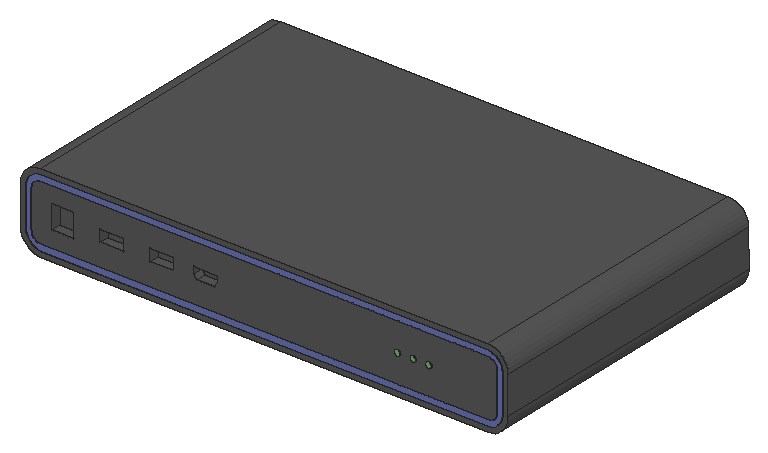
Revit family "Electronics_Huddle-Room-Solutions_Biamp_Devio_Conferencing-Hub_SCR-20__", category Communication Devices, host Face, Revit 2020
Family settings
  Host = Face
  Maintain Annotation Orientation = No
  Round Connector Dimension = Use Diameter
  Part Type = Normal
  OmniClass Number = 23.85.10.17.11.11
  OmniClass Title = Broadcasting Receiving Equipment
  Cut with Voids When Loaded = No
  Shared = No
  Room Calculation Point = No
Parameters (values of type "SCR-20")
  Width = 0' - 11 3/16"  # constant formula
  Weight = 2.00 lbf  # constant formula
  Voltage = 24 V
  USB Sample Rate = "48 kHz"  # constant formula
  USB Device Charging = "Up to 5 W - Requires USB connection to computer"  # constant formula
  USB Bit Depth = "24-bit"  # constant formula
  URL = "https://www.biamp.com/"
  Temperature Range = "32 - 104° F (0 – 40° C)"  # constant formula
  THD+N = "1 kHz, 20 kHz bandwidth, 1 W: < 0.03%"  # constant formula
  SNMP = "See support website for the full list of attributes"  # constant formula
  Number of Channels = "1"  # constant formula
  Minimum Operational Load = "4 ohm"  # constant formula
  Intermodulation distortion = "SMPTE, 60 Hz/7 kHz, 4:1, 1W: < 0.07%"  # constant formula
  Dynamic Range = "THD+N < 0.5%: 100 dB, A-Weighted"  # constant formula
  Continuous Power Output = "THD+N < 0.025%: 20 W into Rated Load Impedance"  # constant formula
  Compliance = "FCC Part 15B (USA) UL and C-UL listed (USA and Canada) CE Marked (Europe) RoHS Directive (Europe)"  # constant formula
  Audio Sampling Rate = "48 kHz"  # constant formula
  Audio Output Impedance = "100 ohm (unbalanced)"  # constant formula
  Audio Maximum Output = "+8.5 dBu"  # constant formula
  Audio Dynamic Range = "THD+N < 0.005%: 107 dB, A-Weighted"  # constant formula
  Audio THD+N = "20 Hz - 10 kHz, 20 kHz B/W, FS: < 0.005%"  # constant formula
  Supported Resolutions = "640 x 480p (60 Hz); 720 x 480p (60 Hz); 720 x 576p (50 Hz); 1280 x 720p (50/60 Hz); 1920 x 1080p (50/60 Hz); 3840 x 2160p (30 Hz) - Supported on Output Port 1 only"  # constant formula
  Product data url = "https://www.bimobject.com/biamp/product/devio-scr-20_huddle-room-solution"
  Product Page URL = "https://www.biamp.com/products/product-families/devio/huddle-room-solutions#devio-scr-20"
  Product Documentation Link = "https://downloads.biamp.com/assets/docs/default-source/data-sheets/biamp_data_sheet_devio_scr-20_may21.pdf"
  Power Factor = 1
  Physical Interfaces = "HDMI"  # constant formula
  Number of Poles = 1
  Network Connection = "RJ-45 with Ethernet cable (Cat 5e and above)"  # constant formula
  Model = "Devio SCR-20"  # constant formula
  Max Power Consumption = 60 W
  Manufacturer = "Biamp"  # constant formula
  Indicators = "Mic Status Indicator (Green/Red LED) Room Tuning Indicator (Green/Red LED) Power Indicator (Green/Red LED)"  # constant formula
  Humidity = "0-95% relative humidity (non-condensing)"  # constant formula
  Housing Material = Biamp - Plastic - Black
  Height = 0' - 1 13/16"  # constant formula
  HDMI Audio Formats = "2ch L-PCM, 44.1 kHz/48 kHz, 16-bit"  # constant formula
  HDCP Support = "1.4"  # constant formula
  Frequency Response = "20 Hz - 20 kHz, FS: +0/-0.25 dB"  # constant formula
  Description = "Devio® SCR-20 Conferencing Hub"  # constant formula
  Depth = 0' - 6 57/64"  # constant formula
  Default Elevation = 4' - 0"
  Connector Description = "24V DC 60W"  # constant formula
  Audio Frequency Response = "20 Hz - 20 kHz, FS: +0/-0.25 dB"  # constant formula
  Audio D/A Converters = "24-bit"  # constant formula
  Apparent Load = Max Power Consumption / Power Factor  # 60 VA
  Altitude = "0-6,600 ft (0-2000m) MSL"  # constant formula
Reference planes (in)
  plane 1 "Center (Front/Back)": y = 0
  plane 2: z = 0
  plane 3 "Center (Left/Right)": x = 0
  plane 4: x = -5.59375
  plane 5: x = 5.59375
  plane 6: y = 3.44531
  plane 7: y = -3.44531
  plane 8: z = 1.8125
Forms (in)
  Extrusion 1, solid, material "Biamp - Plastic - Black" <- "Housing Material", detail levels fine
    sketch origin (0, 0, 0) x (1, 0, 0) y (0, 0, 1)
      loop
        line (-5.09375, 0) -> (5.125, 0)
        arc (5.125, 0) -> (5.45646, 0.13729) -> (5.59375, 0.46875) r 0.46875
        line (5.59375, 0.46875) -> (5.59375, 1.34375)
        arc (5.59375, 1.34375) -> (5.45646, 1.67521) -> (5.125, 1.8125) r 0.46875
        line (5.125, 1.8125) -> (-5.125, 1.8125)
        arc (-5.125, 1.8125) -> (-5.45646, 1.67521) -> (-5.59375, 1.34375) r 0.46875
        line (-5.59375, 1.34375) -> (-5.59375, 0.5)
        arc (-5.59375, 0.5) -> (-5.4473, 0.14645) -> (-5.09375, 0) r 0.5
    from -3.44531 to 3.44531
  Extrusion 2, void, detail levels fine
    sketch origin (0, -3.44531, 0) x (-1, 0, 0) y (0, 0, 1)
      loop
        line (5.125, 1.6875) -> (-5.125, 1.6875)
        arc (-5.125, 1.6875) -> (-5.36807, 1.58682) -> (-5.46875, 1.34375) r 0.34375
        line (-5.46875, 1.34375) -> (-5.46875, 0.46875)
        arc (-5.46875, 0.46875) -> (-5.36807, 0.22568) -> (-5.125, 0.125) r 0.34375
        line (-5.125, 0.125) -> (5.09375, 0.125)
        arc (5.09375, 0.125) -> (5.35892, 0.23483) -> (5.46875, 0.5) r 0.375
        line (5.46875, 0.5) -> (5.46875, 1.34375)
        arc (5.46875, 1.34375) -> (5.36807, 1.58682) -> (5.125, 1.6875) r 0.34375
    from 0 to 0.23779
  Extrusion 3, void, detail levels fine
    sketch origin (0, 3.44531, 0) x (-1, 0, 0) y (0, 0, -1)
      loop
        arc (5.125, -1.6875) -> (5.36807, -1.58682) -> (5.46875, -1.34375) r 0.34375
        line (5.46875, -1.34375) -> (5.46875, -0.5)
        arc (5.46875, -0.5) -> (5.35892, -0.23483) -> (5.09375, -0.125) r 0.375
        line (5.09375, -0.125) -> (-0.46875, -0.125)
        arc (-0.46875, -0.125) -> (-0.6875, -0.34375) -> (-0.90625, -0.125) r 0.21875
        line (-0.90625, -0.125) -> (-4.53125, -0.125)
        arc (-4.53125, -0.125) -> (-4.75, -0.34375) -> (-4.96875, -0.125) r 0.21875
        line (-4.96875, -0.125) -> (-5.125, -0.125)
        arc (-5.125, -0.125) -> (-5.36807, -0.22568) -> (-5.46875, -0.46875) r 0.34375
        line (-5.46875, -0.46875) -> (-5.46875, -1.34375)
        arc (-5.46875, -1.34375) -> (-5.36807, -1.58682) -> (-5.125, -1.6875) r 0.34375
        line (-5.125, -1.6875) -> (5.125, -1.6875)
    from 0 to 0.23779
  Extrusion 4, solid, material "Biamp - Plastic - Blue", detail levels medium+fine
    sketch origin (0, -3.44531, 0) x (1, 0, 0) y (0, 0, 1)
      loop
        line (-5.46875, 1.34375) -> (-5.46875, 0.5)
        arc (-5.46875, 0.5) -> (-5.35892, 0.23483) -> (-5.09375, 0.125) r 0.375
        line (-5.09375, 0.125) -> (5.125, 0.125)
        arc (5.125, 0.125) -> (5.36807, 0.22568) -> (5.46875, 0.46875) r 0.34375
        line (5.46875, 0.46875) -> (5.46875, 1.34375)
        arc (5.46875, 1.34375) -> (5.36807, 1.58682) -> (5.125, 1.6875) r 0.34375
        line (5.125, 1.6875) -> (-5.125, 1.6875)
        arc (-5.125, 1.6875) -> (-5.36807, 1.58682) -> (-5.46875, 1.34375) r 0.34375
      loop
        line (5.125, 1.5625) -> (-5.125, 1.5625)
        arc (-5.125, 1.5625) -> (-5.27968, 1.49843) -> (-5.34375, 1.34375) r 0.21875
        line (-5.34375, 1.34375) -> (-5.34375, 0.5)
        arc (-5.34375, 0.5) -> (-5.27053, 0.32322) -> (-5.09375, 0.25) r 0.25
        line (-5.09375, 0.25) -> (5.125, 0.25)
        arc (5.125, 0.25) -> (5.27968, 0.31407) -> (5.34375, 0.46875) r 0.21875
        line (5.34375, 0.46875) -> (5.34375, 1.34375)
        arc (5.34375, 1.34375) -> (5.27968, 1.49843) -> (5.125, 1.5625) r 0.21875
    from -0.23779 to 0
  Extrusion 5, solid, material "Biamp - Plastic - Blue", detail levels fine
    sketch origin (0, 3.44531, 0) x (1, 0, 0) y (0, 0, -1)
      loop
        arc (-5.46875, -1.34375) -> (-5.36807, -1.58682) -> (-5.125, -1.6875) r 0.34375
        line (-5.125, -1.6875) -> (5.125, -1.6875)
        arc (5.125, -1.6875) -> (5.36807, -1.58682) -> (5.46875, -1.34375) r 0.34375
        line (5.46875, -1.34375) -> (5.46875, -0.46875)
        arc (5.46875, -0.46875) -> (5.36807, -0.22568) -> (5.125, -0.125) r 0.34375
        line (5.125, -0.125) -> (4.96875, -0.125)
        arc (4.96875, -0.125) -> (4.75, -0.34375) -> (4.53125, -0.125) r 0.21875
        line (4.53125, -0.125) -> (0.90625, -0.125)
        arc (0.90625, -0.125) -> (0.6875, -0.34375) -> (0.46875, -0.125) r 0.21875
        line (0.46875, -0.125) -> (-5.09375, -0.125)
        arc (-5.09375, -0.125) -> (-5.35892, -0.23483) -> (-5.46875, -0.5) r 0.375
        line (-5.46875, -0.5) -> (-5.46875, -1.34375)
      loop
        arc (5.125, -1.5625) -> (5.27968, -1.49843) -> (5.34375, -1.34375) r 0.21875
        line (5.34375, -1.34375) -> (5.34375, -0.46875)
        arc (5.34375, -0.46875) -> (5.27968, -0.31407) -> (5.125, -0.25) r 0.21875
        line (5.125, -0.25) -> (4.98926, -0.25)
        arc (4.98926, -0.25) -> (4.95176, -0.25861) -> (4.92178, -0.28273) r 0.08593
        arc (4.92178, -0.28273) -> (4.75, -0.36604) -> (4.57822, -0.28273) r 0.21875
        arc (4.57822, -0.28273) -> (4.54824, -0.25861) -> (4.51074, -0.25) r 0.08594
        line (4.51074, -0.25) -> (0.92676, -0.25)
        arc (0.92676, -0.25) -> (0.88926, -0.25861) -> (0.85928, -0.28273) r 0.08594
        arc (0.85928, -0.28273) -> (0.6875, -0.36604) -> (0.51572, -0.28273) r 0.21875
        arc (0.51572, -0.28273) -> (0.48574, -0.25861) -> (0.44824, -0.25) r 0.08594
        line (0.44824, -0.25) -> (-5.09375, -0.25)
        arc (-5.09375, -0.25) -> (-5.27053, -0.32322) -> (-5.34375, -0.5) r 0.25
        line (-5.34375, -0.5) -> (-5.34375, -1.34375)
        arc (-5.34375, -1.34375) -> (-5.27968, -1.49843) -> (-5.125, -1.5625) r 0.21875
        line (-5.125, -1.5625) -> (5.125, -1.5625)
    from -0.23779 to 0
  Extrusion 6, solid, material "Biamp - Plastic - Black", detail levels fine
    sketch origin (0, -3.44531, 0) x (1, 0, 0) y (0, 0, 1)
      loop
        line (-5.34375, 1.34375) -> (-5.34375, 0.5)
        arc (-5.34375, 0.5) -> (-5.27053, 0.32322) -> (-5.09375, 0.25) r 0.25
        line (-5.09375, 0.25) -> (5.125, 0.25)
        arc (5.125, 0.25) -> (5.27968, 0.31407) -> (5.34375, 0.46875) r 0.21875
        line (5.34375, 0.46875) -> (5.34375, 1.34375)
        arc (5.34375, 1.34375) -> (5.27968, 1.49843) -> (5.125, 1.5625) r 0.21875
        line (5.125, 1.5625) -> (-5.125, 1.5625)
        arc (-5.125, 1.5625) -> (-5.27968, 1.49843) -> (-5.34375, 1.34375) r 0.21875
    from -0.23779 to 0
  Extrusion 7, solid, material "Biamp - Plastic - Black", detail levels fine
    sketch origin (0, 3.44531, 0) x (1, 0, 0) y (0, 0, -1)
      loop
        arc (-5.34375, -1.34375) -> (-5.27968, -1.49843) -> (-5.125, -1.5625) r 0.21875
        line (-5.125, -1.5625) -> (5.125, -1.5625)
        arc (5.125, -1.5625) -> (5.27968, -1.49843) -> (5.34375, -1.34375) r 0.21875
        line (5.34375, -1.34375) -> (5.34375, -0.46875)
        arc (5.34375, -0.46875) -> (5.27968, -0.31407) -> (5.125, -0.25) r 0.21875
        line (5.125, -0.25) -> (4.98926, -0.25)
        arc (4.98926, -0.25) -> (4.95176, -0.25861) -> (4.92178, -0.28273) r 0.08593
        arc (4.92178, -0.28273) -> (4.75, -0.36604) -> (4.57822, -0.28273) r 0.21875
        arc (4.57822, -0.28273) -> (4.54824, -0.25861) -> (4.51074, -0.25) r 0.08594
        line (4.51074, -0.25) -> (0.92676, -0.25)
        arc (0.92676, -0.25) -> (0.88926, -0.25861) -> (0.85928, -0.28273) r 0.08594
        arc (0.85928, -0.28273) -> (0.6875, -0.36604) -> (0.51572, -0.28273) r 0.21875
        arc (0.51572, -0.28273) -> (0.48574, -0.25861) -> (0.44824, -0.25) r 0.08594
        line (0.44824, -0.25) -> (-5.09375, -0.25)
        arc (-5.09375, -0.25) -> (-5.27053, -0.32322) -> (-5.34375, -0.5) r 0.25
        line (-5.34375, -0.5) -> (-5.34375, -1.34375)
    from -0.23779 to 0
  Extrusion 8, void, detail levels fine
    sketch origin (0, -3.44531, 0) x (-1, 0, 0) y (0, 0, 1)
      loop
        line (4.875, 0.64844) -> (4.875, 1.19531) -> (4.35938, 1.19531) -> (4.35938, 0.64844) -> (4.875, 0.64844)
    from 0 to 0.22294
  Extrusion 9, void, detail levels fine
    sketch origin (1.0589, -3.44531, 0) x (-1, 0, 0) y (0, 0, 1)
      loop
        line (4.82452, 0.78125) -> (4.82452, 1.0625) -> (4.27765, 1.0625) -> (4.27765, 0.78125) -> (4.82452, 0.78125)
    from 0 to 0.22294
  Extrusion 10, void, detail levels fine
    sketch origin (2.19952, -3.44531, 0) x (-1, 0, 0) y (0, 0, 1)
      loop
        line (4.82452, 0.78125) -> (4.82452, 1.0625) -> (4.27765, 1.0625) -> (4.27765, 0.78125) -> (4.82452, 0.78125)
    from 0 to 0.22294
  Extrusion 11, void, detail levels fine
    sketch origin (3.21515, -3.44531, 0) x (-1, 0, 0) y (0, 0, 1)
      loop
        line (4.75421, 0.79688) -> (4.82452, 0.89063) -> (4.82452, 1.04688) -> (4.27765, 1.04688) -> (4.27765, 0.89628) -> (4.34796, 0.79688) -> (4.75421, 0.79688)
    from 0 to 0.22294
  Extrusion 12, solid, material "Biamp - Plastic - Green", detail levels fine
    sketch origin (0, -3.44531, 0) x (1, 0, 0) y (0, 0, 1)
      loop
        circle (3.78125, 0.90625) r 0.0625
      loop
        circle (3.42187, 0.90625) r 0.0625
      loop
        circle (3.0625, 0.90625) r 0.0625
    from -0.23779 to 0.0034
  Extrusion 13, void, detail levels fine
    sketch origin (0, 0, 0) x (1, 0, 0) y (0, 0, 1)
      loop
        circle (4.59375, 0.89063) r 0.28125
    from -3.44531 to -3.2373
  Extrusion 14, void, detail levels fine
    sketch origin (0, 0, 0) x (1, 0, 0) y (0, 0, 1)
      loop
        circle (4.09064, 0.75311) r 0.06561
    from -3.44531 to -3.2373
  Extrusion 15, void, detail levels fine
    sketch origin (-0.96894, 0, 0) x (1, 0, 0) y (0, 0, 1)
      loop
        line (4.86776, 1.15625) -> (4.19589, 1.15625) -> (4.19589, 0.60938) -> (4.86776, 0.60938) -> (4.86776, 1.15625)
    from -3.44531 to -3.2373
  Extrusion 16, void, detail levels fine
    sketch origin (-2.00932, 0, 0) x (1, 0, 0) y (0, 0, 1)
      loop
        line (4.79877, 1.04688) -> (4.36127, 1.04688) -> (4.36127, 0.60938) -> (4.79877, 0.60938) -> (4.79877, 1.04688)
    from -3.44531 to -3.2373
  Extrusion 17, void, detail levels fine
    sketch origin (-5.06484, 0, 0) x (1, 0, 0) y (0, 0, 1)
      loop
        line (4.99492, 1.15625) -> (4.32304, 1.15625) -> (4.32304, 0.60938) -> (4.99492, 0.60938) -> (4.99492, 1.15625)
    from -3.44531 to -3.2373
  Extrusion 18, void, detail levels fine
    sketch origin (-3, 0, 0) x (1, 0, 0) y (0, 0, 1)
      loop
        circle (4.16445, 0.89063) r 0.25
    from -3.44531 to -3.2373
  Extrusion 19, void, detail levels fine
    sketch origin (-3.58557, 0, 0) x (1, 0, 0) y (0, 0, 1)
      loop
        circle (4.20314, 0.89063) r 0.25
    from -3.44531 to -3.2373
  Extrusion 20, void, detail levels fine
    sketch origin (-5.10166, 0, 0) x (1, 0, 0) y (0, 0, 1)
      loop
        circle (4.05987, 0.75311) r 0.06561
    from -3.44531 to -3.2373
  Extrusion 21, void, detail levels fine
    sketch origin (-6.00444, 0, 0) x (1, 0, 0) y (0, 0, 1)
      loop
        line (4.25641, 0.60938) -> (4.35016, 0.70313) -> (4.35016, 0.85938) -> (3.72516, 0.85938) -> (3.72516, 0.70313) -> (3.81891, 0.60938) -> (4.25641, 0.60938)
    from -3.44531 to -3.2373
  Extrusion 22, void, detail levels fine
    sketch origin (-7.30131, 0, 0) x (1, 0, 0) y (0, 0, 1)
      loop
        line (4.25641, 0.60938) -> (4.35016, 0.70313) -> (4.35016, 0.85938) -> (3.72516, 0.85938) -> (3.72516, 0.70313) -> (3.81891, 0.60938) -> (4.25641, 0.60938)
    from -3.44531 to -3.2373
  Extrusion 23, void, detail levels fine
    sketch origin (-8.39506, 0, 0) x (1, 0, 0) y (0, 0, 1)
      loop
        line (4.35016, 0.625) -> (4.35016, 0.90625) -> (3.80328, 0.90625) -> (3.80328, 0.625) -> (4.35016, 0.625)
    from -3.44531 to -3.2373
  Extrusion 24, solid, material "Biamp - Plastic - Black" <- "Housing Material", detail levels medium
    sketch origin (0, -3.44531, 0) x (1, 0, 0) y (0, 0, 1)
      loop
        arc (-5.125, 1.8125) -> (-5.45646, 1.67521) -> (-5.59375, 1.34375) r 0.46875
        line (-5.59375, 1.34375) -> (-5.59375, 0.5)
        arc (-5.59375, 0.5) -> (-5.4473, 0.14645) -> (-5.09375, 0) r 0.5
        line (-5.09375, 0) -> (5.125, 0)
        arc (5.125, 0) -> (5.45646, 0.13729) -> (5.59375, 0.46875) r 0.46875
        line (5.59375, 0.46875) -> (5.59375, 1.34375)
        arc (5.59375, 1.34375) -> (5.45646, 1.67521) -> (5.125, 1.8125) r 0.46875
        line (5.125, 1.8125) -> (-5.125, 1.8125)
      loop
        arc (-5.34375, 0.5) -> (-5.27053, 0.32322) -> (-5.09375, 0.25) r 0.25
        line (-5.09375, 0.25) -> (5.125, 0.25)
        arc (5.125, 0.25) -> (5.27968, 0.31407) -> (5.34375, 0.46875) r 0.21875
        line (5.34375, 0.46875) -> (5.34375, 1.34375)
        arc (5.34375, 1.34375) -> (5.27968, 1.49843) -> (5.125, 1.5625) r 0.21875
        line (5.125, 1.5625) -> (-5.125, 1.5625)
        arc (-5.125, 1.5625) -> (-5.27968, 1.49843) -> (-5.34375, 1.34375) r 0.21875
        line (-5.34375, 1.34375) -> (-5.34375, 0.5)
      loop
        line (-5.46875, 1.34375) -> (-5.46875, 0.5)
        arc (-5.46875, 0.5) -> (-5.35892, 0.23483) -> (-5.09375, 0.125) r 0.375
        line (-5.09375, 0.125) -> (5.125, 0.125)
        arc (5.125, 0.125) -> (5.36807, 0.22568) -> (5.46875, 0.46875) r 0.34375
        line (5.46875, 0.46875) -> (5.46875, 1.34375)
        arc (5.46875, 1.34375) -> (5.36807, 1.58682) -> (5.125, 1.6875) r 0.34375
        line (5.125, 1.6875) -> (-5.125, 1.6875)
        arc (-5.125, 1.6875) -> (-5.36807, 1.58682) -> (-5.46875, 1.34375) r 0.34375
    from -6.89062 to 0
  Extrusion 25, solid, material "Biamp - Plastic - Blue", detail levels medium
    sketch origin (0, 3.44531, 0) x (1, 0, 0) y (0, 0, -1)
      loop
        arc (-5.46875, -1.34375) -> (-5.36807, -1.58682) -> (-5.125, -1.6875) r 0.34375
        line (-5.125, -1.6875) -> (5.125, -1.6875)
        arc (5.125, -1.6875) -> (5.36807, -1.58682) -> (5.46875, -1.34375) r 0.34375
        line (5.46875, -1.34375) -> (5.46875, -0.46875)
        arc (5.46875, -0.46875) -> (5.36807, -0.22568) -> (5.125, -0.125) r 0.34375
        line (5.125, -0.125) -> (-5.09375, -0.125)
        arc (-5.09375, -0.125) -> (-5.35892, -0.23483) -> (-5.46875, -0.5) r 0.375
        line (-5.46875, -0.5) -> (-5.46875, -1.34375)
      loop
        arc (5.125, -1.5625) -> (5.27968, -1.49843) -> (5.34375, -1.34375) r 0.21875
        line (5.34375, -1.34375) -> (5.34375, -0.46875)
        arc (5.34375, -0.46875) -> (5.27968, -0.31407) -> (5.125, -0.25) r 0.21875
        line (5.125, -0.25) -> (-5.09375, -0.25)
        arc (-5.09375, -0.25) -> (-5.27053, -0.32322) -> (-5.34375, -0.5) r 0.25
        line (-5.34375, -0.5) -> (-5.34375, -1.34375)
        arc (-5.34375, -1.34375) -> (-5.27968, -1.49843) -> (-5.125, -1.5625) r 0.21875
        line (-5.125, -1.5625) -> (5.125, -1.5625)
    from -0.23779 to 0
  Extrusion 26, solid, material "Biamp - Plastic - Black" <- "Housing Material", detail levels coarse
    sketch origin (0, 0, 0) x (1, 0, 0) y (0, 0, 1)
      loop
        line (5.59375, 1.8125) -> (-5.59375, 1.8125) -> (-5.59375, 0) -> (5.59375, 0) -> (5.59375, 1.8125)
    from -3.44531 to 3.44531
  Extrusion 27, void
    sketch origin (-3.19029, 0, 0.73732) x (1, 0, 0) y (0, 0, 1)
      loop
        circle (4.09064, 0.75311) r 0.06561
    from -3.44531 to -3.2373
  Extrusion 28, void
    sketch origin (-6.05281, 0, 0.33502) x (1, 0, 0) y (0, 0, 1)
      loop
        circle (4.08603, 0.8703) r 0.06561
    from -3.44531 to -3.2373
  Extrusion 29, void
    sketch origin (-7.36531, 0, 0.33502) x (1, 0, 0) y (0, 0, 1)
      loop
        circle (4.10165, 0.8703) r 0.06561
    from -3.44531 to -3.2373
Cuts and joins
  Extrusion 2, Extrusion 3, Extrusion 8, Extrusion 9, Extrusion 10, Extrusion 11, Extrusion 13, Extrusion 14 cuts Extrusion 1
  Extrusion 8, Extrusion 9, Extrusion 10, Extrusion 11, Extrusion 13, Extrusion 14 cuts Extrusion 6
  Extrusion 8, Extrusion 13, Extrusion 14, Extrusion 15, Extrusion 16, Extrusion 17, Extrusion 18, Extrusion 19, Extrusion 20, Extrusion 21, Extrusion 22, Extrusion 23, Extrusion 27, Extrusion 28, Extrusion 29 cuts Extrusion 7
  Extrusion 29 cuts Extrusion 25
Lines and regions (in)
  Masking region 1
    outline origin (0, 0, 0) x (1, 0, 0) y (0, 1, 0)
      loop
        line (-5.59375, 3.44531) -> (-5.59375, -3.44531) -> (5.59375, -3.44531) -> (5.59375, 3.44531) -> (-5.59375, 3.44531)
Dimensions and locks (in)
  "Width": plane 4 to plane 5
  equal spacing: plane 4, plane 3 "Center (Left/Right)", plane 5
  equal spacing: plane 6, plane 1 "Center (Front/Back)", plane 7
  "Depth": plane 6 to plane 7
  "Height": plane 8 to level
  aligned and locked: plane 2 to host face
  aligned and locked: level to host face
  aligned and locked: Extrusion 1 sketch curve to level
  aligned and locked: Extrusion 1 sketch curve to plane 4
  aligned and locked: plane 8 to Extrusion 1 sketch curve
  aligned and locked: plane 5 to Extrusion 1 sketch curve
  aligned and locked: plane 6 to Extrusion 1
  aligned and locked: Extrusion 1 to plane 7
  aligned and locked: plane 6 to Extrusion 14
  aligned and locked: plane 6 to Extrusion 24
  aligned and locked: Extrusion 24 to plane 7
  aligned and locked: plane 8 to Extrusion 26 sketch curve
  aligned and locked: plane 5 to Extrusion 26 sketch curve
  aligned and locked: Extrusion 26 sketch curve to level
  aligned and locked: Extrusion 26 sketch curve to plane 4
  aligned and locked: plane 6 to Extrusion 26
  aligned and locked: Extrusion 26 to plane 7
  aligned and locked: Masking region 1 sketch curve to Extrusion 26  (x4)
Automatic sketch dimensions
  host sketch curve to host sketch curve = 8' - 0"  (x2)
  plane 4 to Extrusion 1 sketch curve = 0' - 0 15/32"
  plane 4 to Extrusion 1 sketch curve = 0' - 0 1/2"
  Extrusion 1 sketch curve to Extrusion 1 sketch curve = 0' - 0 15/32"
  Extrusion 1 sketch curve to plane 5 = 0' - 0 15/32"
  Extrusion 2 sketch curve to Extrusion 2 sketch curve = 0' - 0 11/32"
  Extrusion 1 to Extrusion 2 sketch curve = 0' - 0 1/2"
  Extrusion 3 sketch curve to plane 5 = 0' - 0 1/8"
  Extrusion 3 sketch curve to Extrusion 3 sketch curve = 0' - 0 11/32"  (x2)
  Extrusion 3 sketch curve to Extrusion 3 sketch curve = 0' - 0 5/32"
  Extrusion 3 sketch curve to Extrusion 3 sketch curve = 0' - 0 7/32"  (x2)
  level to Extrusion 3 sketch curve = 0' - 0 1/8"
  plane 3 "Center (Left/Right)" to Extrusion 3 sketch curve = 0' - 0 29/32"
  plane 4 to Extrusion 3 sketch curve = 0' - 0 1/2"
  plane 4 to Extrusion 3 sketch curve = 0' - 0 15/32"
  plane 4 to Extrusion 3 sketch curve = 0' - 0 1/8"
  Extrusion 3 sketch curve to plane 8 = 0' - 0 15/32"
  Extrusion 4 sketch curve to Extrusion 4 sketch curve = 0' - 0"  (x4)
  Extrusion 5 sketch curve to Extrusion 5 sketch curve = 0' - 0"  (x12)
  plane 4 to Extrusion 5 sketch curve = 0' - 0 1/8"
  Extrusion 5 sketch curve to Extrusion 5 sketch curve = 0' - 0 1/8"
  Extrusion 5 sketch curve to Extrusion 5 sketch curve = 0' - 0 7/32"  (x4)
  level to Extrusion 5 sketch curve = 0' - 0 1/4"  (x2)
  Extrusion 5 sketch curve to Extrusion 5 sketch curve = 0' - 0 1/4"
  plane 3 "Center (Left/Right)" to Extrusion 5 sketch curve = 0' - 0.44824"
  Extrusion 5 sketch curve to Extrusion 5 sketch curve = 0' - 0.02051"  (x4)
  Extrusion 5 sketch curve to plane 5 = 0' - 1.08301"
  Extrusion 5 sketch curve to plane 5 = 0' - 0 15/32"
  Extrusion 5 sketch curve to Extrusion 5 sketch curve = 0' - 0.13574"
  Extrusion 5 sketch curve to plane 8 = 0' - 0 15/32"
  Extrusion 5 sketch curve to Extrusion 5 sketch curve = 0' - 0 11/128"  (x4)
  Extrusion 5 sketch curve to Extrusion 5 sketch curve = 0' - 0.02229"  (x2)
  Extrusion 6 sketch curve to Extrusion 6 sketch curve = 0' - 0 1/4"
  Extrusion 6 sketch curve to Extrusion 6 sketch curve = 0' - 0 7/32"
  plane 4 to Extrusion 7 sketch curve = 0' - 0 1/4"
  Extrusion 7 sketch curve to Extrusion 7 sketch curve = 0' - 0 7/32"  (x2)
  Extrusion 7 sketch curve to Extrusion 7 sketch curve = 0' - 0 1/4"
  plane 3 "Center (Left/Right)" to Extrusion 7 sketch curve = 0' - 0.44824"
  Extrusion 7 sketch curve to Extrusion 7 sketch curve = 0' - 0.23926"  (x4)
  level to Extrusion 7 sketch curve = 0' - 0 43/128"  (x2)
  Extrusion 7 sketch curve to plane 5 = 0' - 1.08301"
  Extrusion 7 sketch curve to Extrusion 7 sketch curve = 0' - 0.13574"
  Extrusion 7 sketch curve to plane 5 = 0' - 0 15/32"
  level to Extrusion 7 sketch curve = 0' - 0 15/32"
  level to Extrusion 7 sketch curve = 0' - 0 1/2"
  Extrusion 7 sketch curve to plane 8 = 0' - 0 15/32"
  Extrusion 7 sketch curve to Extrusion 7 sketch curve = 0' - 0 11/128"  (x3)
  level to Extrusion 7 sketch curve = 0' - 0.14729"  (x2)
  Extrusion 7 sketch curve to Extrusion 7 sketch curve = 0' - 0"  (x2)
  Extrusion 1 to Extrusion 9 sketch curve = 0' - 0 25/32"
  Extrusion 1 to Extrusion 9 sketch curve = 0' - 2 3/8"
  Extrusion 1 to Extrusion 10 sketch curve = 0' - 0 25/32"
  Extrusion 1 to Extrusion 10 sketch curve = 0' - 3 33/64"
  Extrusion 1 to Extrusion 11 sketch curve = 0' - 0.89628"
  Extrusion 1 to Extrusion 11 sketch curve = 0' - 4 17/32"
  Extrusion 12 sketch curve to Extrusion 1 = 0' - 0 29/32"
  Extrusion 12 sketch curve to Extrusion 1 = 0' - 2 17/32"
  Extrusion 12 sketch curve to Extrusion 12 sketch curve = 0' - 0 23/64"  (x2)
  Extrusion 12 sketch curve to Extrusion 12 sketch curve = 0' - 0"  (x2)
  Extrusion 16 sketch curve to plane 8 = 0' - 0 49/64"
  plane 3 "Center (Left/Right)" to Extrusion 16 sketch curve = 0' - 2.35195"
  Extrusion 17 sketch curve to plane 3 "Center (Left/Right)" = 0' - 0.7418"
  level to Extrusion 17 sketch curve = 0' - 0 39/64"
  level to Extrusion 21 sketch curve = 0' - 0 55/64"
  Extrusion 21 sketch curve to plane 3 "Center (Left/Right)" = 0' - 2.27928"
  level to Extrusion 22 sketch curve = 0' - 0 55/64"
  plane 4 to Extrusion 22 sketch curve = 0' - 2.01759"
  level to Extrusion 22 sketch curve = 0' - 0 39/64"
  plane 4 to Extrusion 23 sketch curve = 0' - 1.00197"
  level to Extrusion 23 sketch curve = 0' - 0 5/8"
  Extrusion 24 sketch curve to Extrusion 24 sketch curve = 0' - 0"  (x6)
  Extrusion 25 sketch curve to Extrusion 25 sketch curve = 0' - 0"  (x8)
  plane 4 to Extrusion 25 sketch curve = 0' - 0 1/8"
  Extrusion 25 sketch curve to Extrusion 25 sketch curve = 0' - 0 1/8"
  Extrusion 25 sketch curve to plane 8 = 0' - 0 1/8"
  Extrusion 25 sketch curve to Extrusion 25 sketch curve = 0' - 0 7/32"  (x2)
  level to Extrusion 25 sketch curve = 0' - 0 1/4"
  Extrusion 25 sketch curve to Extrusion 25 sketch curve = 0' - 0 1/4"
  Extrusion 25 sketch curve to plane 5 = 0' - 0 15/32"  (x2)
  Extrusion 27 sketch curve to plane 8 = 0' - 0.32207"
  plane 3 "Center (Left/Right)" to Extrusion 27 sketch curve = 0' - 0.90035"
  Extrusion 28 sketch curve to plane 8 = 0' - 0.60718"
  Extrusion 28 sketch curve to plane 3 "Center (Left/Right)" = 0' - 1.96678"
  Extrusion 29 sketch curve to plane 8 = 0' - 0.60718"
  plane 4 to Extrusion 29 sketch curve = 0' - 2.33009"
  Extrusion 1 to Extrusion 8 sketch curve = 0' - 1 15/64"
  Extrusion 1 to Extrusion 8 sketch curve = 0' - 0 83/128"
  Extrusion 8 sketch curve to Extrusion 8 sketch curve = 0' - 0 33/64"
  Extrusion 8 sketch curve to Extrusion 8 sketch curve = 0' - 0 35/64"
  Extrusion 9 sketch curve to Extrusion 9 sketch curve = 0' - 0 35/64"
  Extrusion 9 sketch curve to Extrusion 9 sketch curve = 0' - 0 9/32"
  Extrusion 10 sketch curve to Extrusion 10 sketch curve = 0' - 0 35/64"
  Extrusion 10 sketch curve to Extrusion 10 sketch curve = 0' - 0 9/32"
  Extrusion 1 to Extrusion 11 sketch curve = 0' - 0 51/64"
  Extrusion 11 sketch curve to Extrusion 11 sketch curve = 0' - 0 9/128"  (x2)
  Extrusion 11 sketch curve to Extrusion 11 sketch curve = 0' - 0 13/32"
  Extrusion 11 sketch curve to Extrusion 11 sketch curve = 0' - 0.15059"
  Extrusion 1 to Extrusion 11 sketch curve = 0' - 0 57/64"
  Extrusion 13 sketch curve to plane 5 = 0' - 1"
  level to Extrusion 13 sketch curve = 0' - 0 57/64"
  Extrusion 14 sketch curve to plane 5 = 0' - 1.50311"
  level to Extrusion 14 sketch curve = 0' - 0.75311"
  Extrusion 15 sketch curve to plane 8 = 0' - 0 21/32"
  Extrusion 15 sketch curve to plane 5 = 0' - 2.3668"
  Extrusion 15 sketch curve to Extrusion 15 sketch curve = 0' - 0 43/64"
  Extrusion 15 sketch curve to Extrusion 15 sketch curve = 0' - 0 35/64"
  Extrusion 16 sketch curve to Extrusion 16 sketch curve = 0' - 0 7/16"  (x2)
  plane 3 "Center (Left/Right)" to Extrusion 18 sketch curve = 0' - 1.16445"
  level to Extrusion 18 sketch curve = 0' - 0 57/64"
  plane 3 "Center (Left/Right)" to Extrusion 19 sketch curve = 0' - 0.61757"
  level to Extrusion 19 sketch curve = 0' - 0 57/64"
  Extrusion 17 sketch curve to plane 3 "Center (Left/Right)" = 0' - 0.06993"
  Extrusion 17 sketch curve to Extrusion 17 sketch curve = 0' - 0 35/64"
  Extrusion 20 sketch curve to plane 3 "Center (Left/Right)" = 0' - 1.04179"
  level to Extrusion 20 sketch curve = 0' - 0.75311"
  Extrusion 21 sketch curve to Extrusion 21 sketch curve = 0' - 0 3/32"  (x4)
  level to Extrusion 21 sketch curve = 0' - 0 39/64"
  Extrusion 21 sketch curve to Extrusion 21 sketch curve = 0' - 0 7/16"
  Extrusion 22 sketch curve to Extrusion 22 sketch curve = 0' - 0 3/32"  (x3)
  Extrusion 22 sketch curve to Extrusion 22 sketch curve = 0' - 0 7/16"
  level to Extrusion 22 sketch curve = 0' - 0 45/64"
  Extrusion 23 sketch curve to Extrusion 23 sketch curve = 0' - 0 35/64"
  Extrusion 23 sketch curve to Extrusion 23 sketch curve = 0' - 0 9/32"
  radius of Extrusion 2 sketch curve to Extrusion 1 = 0' - 0 1/8"  (x2)
  radius of Extrusion 4 sketch curve to Extrusion 1 = 0' - 0 1/8"  (x2)
  radius of Extrusion 4 sketch curve to Extrusion 1 = 0' - 0 1/4"  (x2)
  radius of Extrusion 6 sketch curve to Extrusion 1 = 0' - 0 1/4"  (x2)
  radius of Extrusion 12 sketch curve = 0' - 0 1/16"  (x3)
  radius of Extrusion 13 sketch curve = 0' - 0 9/32"
  radius of Extrusion 14 sketch curve = 0' - 0.06561"
  radius of Extrusion 18 sketch curve = 0' - 0 1/4"
  radius of Extrusion 19 sketch curve = 0' - 0 1/4"
  radius of Extrusion 20 sketch curve = 0' - 0.06561"
  radius of Extrusion 24 sketch curve to Extrusion 1 = 0' - 0"  (x2)
  radius of Extrusion 24 sketch curve to Extrusion 1 = 0' - 0 1/4"  (x2)
  radius of Extrusion 24 sketch curve to Extrusion 1 = 0' - 0 1/8"  (x2)
  radius of Extrusion 27 sketch curve = 0' - 0.06561"
  radius of Extrusion 28 sketch curve = 0' - 0.06561"
  radius of Extrusion 29 sketch curve = 0' - 0.06561"
Connectors (in)
  electrical at (4.59375, 3.44531, 0.89063), driven by "Connector Description", driven by "Power Factor", driven by "Apparent Load", driven by "Voltage", driven by "Number of Poles"
    settings: on cut or joined group 1 (Extrusion 7, Extrusion 8, Extrusion 13, Extrusion 14, Extrusion 15, Extrusion 16, Extrusion 17, Extrusion 18, Extrusion 19, Extrusion 20, Extrusion 21, Extrusion 22, Extrusion 23, Extrusion 27, Extrusion 28, Extrusion 29), index 1, voltage 24 V, apparent load 60 VA, apparent load phase1 0 VA, apparent load phase2 0 VA, apparent load phase3 0 VA, power factor 1, load classification "Other", number of poles 1, system type 30, power factor state 1, is connector primary yes, connector utility no, sub classification motor no, connector description "24V DC 60W"
  electrical at (3.56288, 3.44531, 0.88553)
    settings: on cut or joined group 1, index 2, voltage 0 V, apparent load 0 VA, apparent load phase1 0 VA, apparent load phase2 0 VA, apparent load phase3 0 VA, power factor 1, load classification "Other", number of poles 1, system type 5, power factor state 1, is connector primary no, connector utility no, sub classification motor no, connector description "RJ-45 with Ethernet cable (Cat 5e and above)"
  electrical at (2.5707, 3.44531, 0.76953)
    settings: on cut or joined group 1, index 3, voltage 0 V, apparent load 0 VA, apparent load phase1 0 VA, apparent load phase2 0 VA, apparent load phase3 0 VA, power factor 1, load classification "Other", number of poles 1, system type 5, power factor state 1, is connector primary no, connector utility no, sub classification motor no, connector description "Audio Output"
  electrical at (1.16445, 3.44531, 0.89063)
    settings: on cut or joined group 1, index 4, voltage 0 V, apparent load 0 VA, apparent load phase1 0 VA, apparent load phase2 0 VA, apparent load phase3 0 VA, power factor 1, load classification "Other", number of poles 1, system type 5, power factor state 1, is connector primary no, connector utility no, sub classification motor no, connector description "Audio L"
  electrical at (0.61757, 3.44531, 0.89063)
    settings: on cut or joined group 1, index 5, voltage 0 V, apparent load 0 VA, apparent load phase1 0 VA, apparent load phase2 0 VA, apparent load phase3 0 VA, power factor 1, load classification "Other", number of poles 1, system type 5, power factor state 1, is connector primary no, connector utility no, sub classification motor no, connector description "Audio R"
  electrical at (-0.40587, 3.44531, 0.88553)
    settings: on cut or joined group 1, index 6, voltage 0 V, apparent load 0 VA, apparent load phase1 0 VA, apparent load phase2 0 VA, apparent load phase3 0 VA, power factor 1, load classification "Other", number of poles 1, system type 5, power factor state 1, is connector primary no, connector utility no, sub classification motor no, connector description "RJ-45; Microphone"
  electrical at (-1.96678, 3.44531, 0.72612)
    settings: on cut or joined group 1, index 8, voltage 0 V, apparent load 0 VA, apparent load phase1 0 VA, apparent load phase2 0 VA, apparent load phase3 0 VA, power factor 1, load classification "Other", number of poles 1, system type 5, power factor state 1, is connector primary no, connector utility no, sub classification motor no, connector description "HDMI Output"
  electrical at (-3.26366, 3.44531, 0.72612)
    settings: on cut or joined group 1, index 9, voltage 0 V, apparent load 0 VA, apparent load phase1 0 VA, apparent load phase2 0 VA, apparent load phase3 0 VA, power factor 1, load classification "Other", number of poles 1, system type 5, power factor state 1, is connector primary no, connector utility no, sub classification motor no, connector description "HDMI Output"
  electrical at (-4.31834, 3.44531, 0.76563)
    settings: on cut or joined group 1, index 10, voltage 0 V, apparent load 0 VA, apparent load phase1 0 VA, apparent load phase2 0 VA, apparent load phase3 0 VA, power factor 1, load classification "Other", number of poles 1, system type 5, power factor state 1, is connector primary no, connector utility no, sub classification motor no, connector description "USB"
  electrical at (-4.61719, -3.44531, 0.96077)
    settings: on cut or joined group of Extrusion 6, Extrusion 8, Extrusion 9, Extrusion 10, Extrusion 11, Extrusion 13, Extrusion 14, index 11, voltage 0 V, apparent load 0 VA, apparent load phase1 0 VA, apparent load phase2 0 VA, apparent load phase3 0 VA, power factor 1, load classification "Other", number of poles 1, system type 5, power factor state 1, is connector primary no, connector utility no, sub classification motor no, connector description "Image Transfer"
  electrical at (-3.49219, -3.44531, 0.92188)
    settings: on cut or joined group of Extrusion 6, Extrusion 8, Extrusion 9, Extrusion 10, Extrusion 11, Extrusion 13, Extrusion 14, index 12, voltage 0 V, apparent load 0 VA, apparent load phase1 0 VA, apparent load phase2 0 VA, apparent load phase3 0 VA, power factor 1, load classification "Other", number of poles 1, system type 5, power factor state 1, is connector primary no, connector utility no, sub classification motor no, connector description "USB"
  electrical at (-2.35156, -3.44531, 0.92188)
    settings: on cut or joined group of Extrusion 6, Extrusion 8, Extrusion 9, Extrusion 10, Extrusion 11, Extrusion 13, Extrusion 14, index 13, voltage 0 V, apparent load 0 VA, apparent load phase1 0 VA, apparent load phase2 0 VA, apparent load phase3 0 VA, power factor 1, load classification "Other", number of poles 1, system type 5, power factor state 1, is connector primary no, connector utility no, sub classification motor no, connector description "USB"
  electrical at (-1.33611, -3.44531, 0.91716)
    settings: on cut or joined group of Extrusion 6, Extrusion 8, Extrusion 9, Extrusion 10, Extrusion 11, Extrusion 13, Extrusion 14, index 14, voltage 0 V, apparent load 0 VA, apparent load phase1 0 VA, apparent load phase2 0 VA, apparent load phase3 0 VA, power factor 1, load classification "Other", number of poles 1, system type 5, power factor state 1, is connector primary no, connector utility no, sub classification motor no, connector description "HDMI Input"
